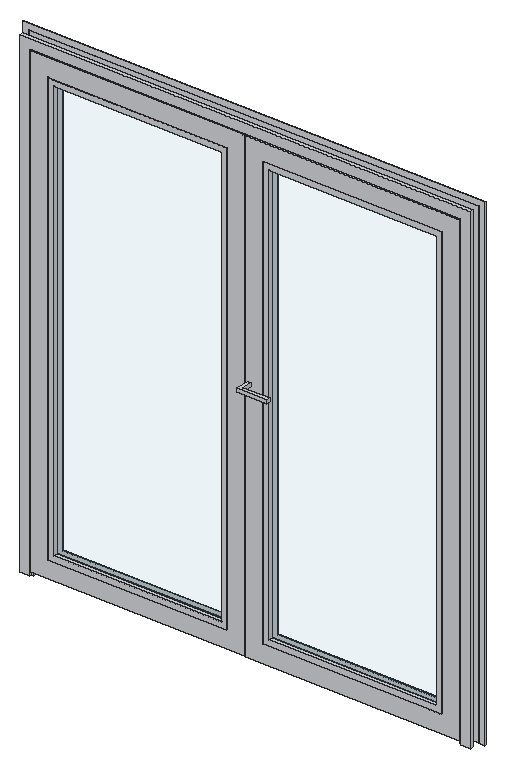
Revit family "a_reynaers_es-50-functional_door_inside-opening-brush_doublerfa", category Windows, host Wall, Revit 2017
Family settings
  Host = Wall
  OmniClass Number = 23.30.20.00
  OmniClass Title = Windows
  Always vertical = Yes
  Cut with Voids When Loaded = No
  Shared = No
  Room Calculation Point = No
Parameters (values of type "Frame 67mm")
  Youtube clip = ""
  Width INT [instance] = 1950 mm
  Width EXT [instance] = 2000 mm
  Weight Net (Kg) = "0"
  Wall Exterior Width = 90 mm
  Uniclass 2.0 Description = "Doors, Windows And Glazing Survey Systems"
  Uniclass 2.0 Code = "SS-10-50-25-25"
  Uniclass 1.4 Description = "Doors"
  Uniclass 1.4 Code = "JL20"
  URL = "http://www.reynaers.com/architects/products/es-50-0"
  UNSPSC Code = "301715"
  Technical description = ""
  Region South America = "None"
  Region Oceania = "None"
  Region North America = "None"
  Region Middle East = "None"
  Region Europe = "AD, AL, AT, AX, BA, BE, BG, BY, CH, CS, CY, CZ, DE, DK, EE, ES, FI, FO, FR, GB, GG, GI, GR, HR, HU, IE, IM, IS, IT, JE, LI, LT, LU, LV, MC, MD, ME, MK, MT, NL, NO, PL, PT, RO, RS, RU, SE, SI, SJ, SK, SM, UA, VA, XK"
  Region Asia = "None"
  Region Antarctica = "None"
  Region Africa = "None"
  REY Website = "www.reynaers.com"
  REY Vent Width = 74 mm
  REY Vent & Gap & 20 = REY Vent Width + REY Gap Width + 20 mm  # 99 mm
  REY Sill Height = 0 mm  # constant formula
  REY Sill H = 0 mm  # constant formula
  REY Shutter Roll Material = none
  REY Shutter Roll Height = 200 mm
  REY Shutter Position = if(BE, 0 mm, REY Butt Strip Width)  # 25 mm
  REY Shutter Height = if(REY Shutter, REY Shutter Roll Height, 0 mm)  # 0 mm
  REY Shutter Depth = if(REY Shutter, 59 mm, 0 mm)  # 0 mm
  REY Shutter = no
  REY Rebate TOP B = if(BE, REY Rebate, 0 mm)  # 0 mm
  REY Rebate TOP A = if(NL, REY Rebate, 0 mm)  # 30 mm
  REY Rebate B = if(BE, REY Rebate, 0 mm)  # 0 mm
  REY Rebate A = if(NL, REY Rebate, 0 mm)  # 30 mm
  REY Rebate = 30 mm
  REY Profile Rebate = 25 mm
  REY Profile Color OUT [instance] = none
  REY Profile Color IN [instance] = none
  REY Panel Tickness [instance] = 24 mm
  REY Panel Material [instance] = Glass
  REY Panel Height [instance] = 1843 mm
  REY Panel Coverage = 16 mm
  REY Panel 1 Width [instance] = 754 mm
  REY Panel 1 Opening Direction Turn DIN R [instance] = yes
  REY Panel 1 Opening Direction Turn DIN L [instance] = no
  REY Offset Wall Ext Int B = if(BE, REY Offset Wall Ext Int, 0 mm)  # 0 mm
  REY Offset Wall Ext Int A = if(NL, REY Offset Wall Ext Int, 0 mm)  # 25 mm
  REY Offset Wall Ext Int = 25 mm
  REY Joint Width B = if(BE, REY Joint Width, 0 mm)  # 0 mm
  REY Joint Width A = if(NL, REY Joint Width, 0 mm)  # 8 mm
  REY Joint Width = 8 mm
  REY Joint Bottom = 0 mm
  REY Gap Width = 5 mm
  REY Gap Floor = 13 mm
  REY Frame Width = 67 mm
  REY Frame Position MID = REY Vent Width + REY Gap Width  # 79 mm
  REY Fixation Bottom = 33 mm
  REY Element Width [instance] = 1990 mm
  REY Element Height [instance] = 2220 mm
  REY Design = 0 mm  # constant formula
  REY Butt Strip Width = 25 mm
  REY Built-In Depth = 50 mm
  REY Brush Profile Height = 26 mm
  REY Block Frame = no
  QR code = "http://file-system.ru/catalog/zdaniya_i_sooruzheniya/eksterer/dveri/es_50_dveri/"
  Product group = "Windows Aluminium"
  Product family = "Windows & Doors"
  Product data url = "http://file-system.ru/catalog/zdaniya_i_sooruzheniya/eksterer/dveri/es_50_dveri/"
  Product certification = ""
  Product SKU = "Reynaers_door_eco_system_50"
  Product Guid = "172350dd-0f3f-47fb-8ca1-f77024ff0f03"
  OmniClass Description = ""
  OmniClass Code = ""
  Nominal width = "0.00"
  Nominal height = "0.00"
  NL = yes
  NBS Reference Description = "Doors, Windows And Glazing Survey Systems"
  NBS Reference Code = "10-50-25-25"
  Material secondary = "Aluminium"
  Material main = "Aluminium"
  Manufacturer name = "Reynaers"
  Manufacturer country = "Belgium"
  Manufacturer = "Reynaers"
  Installation instructions = ""
  IFC Classification = "Door"
  Height INT [instance] = 2108 mm
  Height EXT [instance] = 2100 mm
  Height [instance] = Height EXT  # 2100 mm
  Edition number = "1"
  EAN code = ""
  Design country = "Belgium"
  Depth = "50.00"
  Default Sill Height = 0 mm
  Wall Closure = By host
  Width [instance] = Width EXT  # 2000 mm
  Date of publishing = "2015-09-17"
  COBIe Type Category = ""
  BE = no
  Analytic Construction = "<None>"
Reference planes
  plane 1 "Center (Front/Back)": y = 0
  plane 2 "Center (Left/Right)": x = 0
  plane 3 "REY L EXT": x = -1000
  plane 4 "REY R EXT": x = 1000
  plane 5 "Sill": z = 0
  plane 6 "REY Top EXT": z = 2100
  plane 7 "Exterior": y = 150
  plane 8 "Interior": y = -150
  plane 9 "REY Profile L": x = -970
  plane 10 "REY Profile Temp": x = -1000
  plane 11 "REY L INT Temp": x = -1000
  plane 12 "Wall Exterior Width": y = 60
  plane 13 "REY L INT": x = -975
  plane 14 "REY R INT Temp": x = 1000
  plane 15 "REY R INT": x = 975
  plane 16 "REY Top INT": z = 2075
  plane 17 "REY Top INT Temp": z = 2100
  plane 18 "REY Sill Bottom": z = 0
  plane 19 "REY Bottom INT": z = -33
  plane 20 "REY Shutter TOP": z = 2075
  plane 21 "REY Profile TOP": z = 2070
  plane 22 "REY Profile TOP Temp": z = 2100
  plane 23 "REY Profile Joint Temp": y = 60
  plane 24 "REY Profile Joint": y = 68
  plane 25 "REY Built-In-Depth": y = 18
  plane 26 "REY Frame L": x = -903
  plane 27 "REY Gap L": x = -898
  plane 28 "REY Vent L": x = -824
  plane 29 "REY Panel L": x = -840
  plane 30 "REY Profile A Rebate": x = -995
  plane 31 "REY Shutter": y = 68
  plane 32 "REY Profile Design": y = 68
  plane 33 "REY Panel OUT": y = 60
  plane 34 "REY Panel IN": y = 36
  plane 35 "REY Profile R": x = 970
  plane 36 "Mid Window": z = 990
  plane 37 "REY Panel TOP": z = 1940
  plane 38 "REY Gap TOP": z = 1998
  plane 39 "REY Frame TOP": z = 2003
  plane 40 "REY Vent TOP": z = 1924
  plane 41 "REY Shutter Position L": x = -995
  plane 42 "REY Shutter Position R": x = 995
  plane 43 "REY A Butt-Strip": x = -995
  plane 44 "REY Shutter Position TOP": z = 2095
  plane 45 "REY Frame R": x = 903
  plane 46 "REY GAP R": x = 898
  plane 47 "REY Vent R": x = 824
  plane 48 "REY Panel R": x = 840
  plane 49 "REY Door Profile Bottom": z = 13
  plane 50 "REY Door Gap Bottom": z = 39
  plane 51 "REY Panel Bottom": z = 97
  plane 52 "REY Vent Bottom": z = 113
  plane 53 "REY MID 1/2": x = 0
  plane 54 "REY Fixed Gap MID L": x = -3
  plane 55 "REY Fixed Gap MID R": x = 3
  plane 56 "REY Frame INT MID 1/2 L": x = -23
  plane 57 "REY Vent MID L": x = -102
  plane 58 "REY Vent MID R": x = 102
  plane 59 "REY Panel MID L": x = -86
  plane 60 "REY Panel MID R": x = 86
  plane 61 "REY Frame INT MID 1/2 R": x = 23
Forms (mm)
  Extrusion 1, void
    sketch origin (0, 0, 0) x (0, -1, 0) y (1, 0, 0)
      loop
        line (-150, -1000) -> (-60, -1000) -> (-60, 1000) -> (-150, 1000) -> (-150, -1000)
    from 0 to 2100
  Extrusion 2, void
    sketch origin (0, 0, 0) x (0, -1, 0) y (1, 0, 0)
      loop
        line (-60, -975) -> (150, -975) -> (150, 975) -> (-60, 975) -> (-60, -975)
    from -33 to 2075
  Sweep 3, solid, material <- "REY Profile Color OUT"
    path origin (0, 68, 0) x (-1, 0, 0) y (0, 0, 1)
      loop
        line (102, 113) -> (824, 113) -> (824, 1924) -> (102, 1924) -> (102, 113)
    profile origin (-824, 68, 1018.5) x (0, 1, 0) y (-1, 0, 0)
      loop
        line (0, 74) -> (-4.459, 74) -> (-4.459, 79) -> (-6.259, 79) -> (-6.259, 73.048) -> (-3.8, 73.048) -> (-3.8, 0) -> (0, 0) -> (0, 74)
  Sweep 4, solid, material <- "REY Profile Color IN"
    path origin (0, 18, 0) x (-1, 0, 0) y (0, 0, 1)
      loop
        line (824, 113) -> (824, 1924) -> (102, 1924) -> (102, 113) -> (824, 113)
    profile origin (-824, 18, 1018.5) x (1, 0, 0) y (0, 1, 0)
      loop
        line (-99, 4) -> (-99, 0) -> (-25, 0) -> (-25, 4) -> (-99, 4)
      loop
        line (-24, 18) -> (-24, 0) -> (0, 0) -> (0, 18) -> (-24, 18)
  Extrusion 5, solid, material "Glass" <- "REY Panel Material"
    sketch origin (0, 0, 52) x (0, 1, 0) y (-1, 0, 0)
      loop
        line (36, 840) -> (36, 86) -> (60, 86) -> (60, 840) -> (36, 840)
    from 45 to 1888
  Extrusion 6, solid, material <- "REY Profile Color OUT", visible <- "REY Shutter"
    sketch origin (0, 0, 0) x (0, -1, 0) y (1, 0, 0)
      loop
        line (-68, 995) -> (-127, 995) -> (-127, 966.665) -> (-122.8, 966.665) -> (-122.8, 993.165) -> (-104.8, 993.165) -> (-104.8, 966.665) -> (-68, 966.665) -> (-68, 995)
    from 0 to 2070
  Sweep 7, solid, material <- "REY Profile Color OUT", visible <- "NL"
    path origin (0, 68, 0) x (-1, 0, 0) y (0, 0, 1)
      loop
        line (970, 0) -> (970, 2070) -> (-970, 2070) -> (-970, 0)
    profile origin (-970, 68, 1035) x (1, 0, 0) y (0, 1, 0)
      loop
        line (0, 0) -> (-25, 0) -> (-25, -3.8) -> (0, -3.8) -> (0, 0)
  Extrusion 8, solid, material <- "REY Profile Color OUT", visible <- "REY Shutter"
    sketch origin (970, 0, 0) x (0, 1, 0) y (0, 0, -1)
      loop
        line (68, -2078.8) -> (68, -2080.4) -> (89.9, -2080.4)
        arc (89.9, -2080.4) -> (92.728, -2081.572) -> (93.9, -2084.4) r 4
        line (93.9, -2084.4) -> (93.9, -2111.4)
        arc (93.9, -2111.4) -> (90.707, -2119.107) -> (83, -2122.3) r 10.9
        line (83, -2122.3) -> (83, -2123.9)
        arc (83, -2123.9) -> (91.839, -2120.239) -> (95.5, -2111.4) r 12.5
        line (95.5, -2111.4) -> (95.5, -2084.4)
        arc (95.5, -2084.4) -> (93.86, -2080.44) -> (89.9, -2078.8) r 5.6
        line (89.9, -2078.8) -> (68, -2078.8)
    from 0 to 1940
  Extrusion 9, solid, material <- "REY Shutter Roll Material", visible <- "REY Shutter"
    sketch origin (970, 0, 0) x (0, 1, 0) y (0, 0, -1)
      loop
        line (60, -2075) -> (-150, -2075) -> (-150, -2085) -> (60, -2085) -> (60, -2075)
    from -5 to 1945
  Extrusion 10, solid, material <- "REY Profile Color OUT", visible <- "REY Shutter"
    sketch origin (0, 0, 0) x (0, -1, 0) y (1, 0, 0)
      loop
        line (-68, -995) -> (-68, -966.665) -> (-104.8, -966.665) -> (-104.8, -993.165) -> (-122.8, -993.165) -> (-122.8, -966.665) -> (-127, -966.665) -> (-127, -995) -> (-68, -995)
    from 0 to 2095
  Sweep 11, solid, material <- "REY Profile Color IN"
    path origin (0, 18, 0) x (-1, 0, 0) y (0, 0, 1)
      loop
        line (970, 0) -> (970, 2070) -> (-970, 2070) -> (-970, 0)
    profile origin (-970, 18, 1035) x (1, 0, 0) y (0, 1, 0)
      loop
        line (41, 9) -> (52, 9) -> (52, 13) -> (0, 13) -> (0, 0) -> (41, 0) -> (41, 9)
  Sweep 12, solid, material <- "REY Profile Color OUT"
    path origin (0, 68, 0) x (-1, 0, 0) y (0, 0, 1)
      loop
        line (970, 0) -> (970, 2070) -> (-970, 2070) -> (-970, 0)
    profile origin (-970, 68, 1035) x (1, 0, 0) y (0, 1, 0)
      loop
        line (0, 0) -> (0, -3.8) -> (67, -3.8) -> (67, 0) -> (0, 0)
  Extrusion 13, solid, material <- "REY Profile Color OUT"
    sketch origin (0, 0, 0) x (0, -1, 0) y (1, 0, 0)
      loop
        line (-68, -903) -> (-64.2, -903) -> (-64.2, 903) -> (-68, 903) -> (-68, -903)
    from 13 to 39
  Sweep 14, solid, material <- "REY Profile Color OUT"
    path origin (0, 68, 0) x (-1, 0, 0) y (0, 0, 1)
      loop
        line (-824, 1924) -> (-824, 113) -> (-102, 113) -> (-102, 1924) -> (-824, 1924)
    profile origin (824, 68, 1018.5) x (1, 0, 0) y (0, 1, 0)
      loop
        line (74, 0) -> (0, 0) -> (0, -3.8) -> (73.048, -3.8) -> (73.048, -6.259) -> (79, -6.259) -> (79, -4.459) -> (74, -4.459) -> (74, 0)
  Sweep 15, solid, material <- "REY Profile Color IN"
    path origin (0, 18, 0) x (-1, 0, 0) y (0, 0, 1)
      loop
        line (-824, 113) -> (-102, 113) -> (-102, 1924) -> (-824, 1924) -> (-824, 113)
    profile origin (824, 18, 1018.5) x (0, 1, 0) y (-1, 0, 0)
      loop
        line (4, -99) -> (4, -25) -> (0, -25) -> (0, -99) -> (4, -99)
      loop
        line (18, -24) -> (18, 0) -> (0, 0) -> (0, -24) -> (18, -24)
  Extrusion 16, solid, material "Glass" <- "REY Panel Material"
    sketch origin (0, 0, 97) x (0, -1, 0) y (1, 0, 0)
      loop
        line (-60, 86) -> (-36, 86) -> (-36, 840) -> (-60, 840) -> (-60, 86)
    from 0 to 1843
  Extrusion 17, solid, material <- "REY Profile Color OUT"
    sketch origin (0, 0, 39) x (0, -1, 0) y (1, 0, 0)
      loop
        line (-68, -23) -> (-64, -23) -> (-64, 23) -> (-68, 23) -> (-68, -23)
    from 0 to 1964
Lines and regions (mm)
  symbolic lines, style "Windows"
    curve 1: line (-903, 68, 0) -> (-970, 68, 0)
    curve 2: line (-903, 61.741, 0) -> (-903, 68, 0)
    curve 3: line (-928, 61.741, 0) -> (-928, 27, 0)
    curve 4: line (-903, 61.741, 0) -> (-928, 61.741, 0)
    curve 5: line (-824, 18, 0) -> (-923, 18, 0)
    curve 6: line (-923, 18, 0) -> (-923, 22, 0)
    curve 7: line (-898, 68, 0) -> (-898, 60, 0)
    curve 8: line (-824, 68, 0) -> (-898, 68, 0)
    curve 9: line (-923, 22, 0) -> (-923, 60, 0)
    curve 10: line (-923, 60, 0) -> (-898, 60, 0)
    curve 11: line (970, 68, 0) -> (970, 18, 0)
    curve 12: line (970, 18, 0) -> (928, 18, 0)
    curve 13: line (928, 18, 0) -> (928, 61.741, 0)
    curve 14: line (970, 68, 0) -> (903, 68, 0)
    curve 15: line (898, 68, 0) -> (898, 59.741, 0)
    curve 16: line (-3, 18, 0) -> (824, 18, 0)
    curve 17: line (-3, 22, 0) -> (-3, 18, 0)
    curve 18: line (923, 59.741, 0) -> (923, 22, 0)
    curve 19: line (898, 68, 0) -> (824, 68, 0)
    curve 20: line (-824, 68, 0) -> (-824, 18, 0)
    curve 21: line (824, 18, 0) -> (824, 68, 0)
    curve 22: line (824, 36, 0) -> (102, 36, 0)
    curve 23: line (970, 60, 2070) -> (970, 9, 2070)
    curve 24: line (970, 9, 2018) -> (970, 9, 2070)
    curve 25: line (970, 61.741, 2018) -> (970, 9, 2018)
    curve 26: line (970, 61.741, 2003) -> (970, 61.741, 2018)
    curve 27: line (970, 61.741, 2003) -> (970, 60, 2003)
    curve 28: line (970, 60, 2003) -> (970, 60, 2070)
    curve 30: line (970, 61.741, 1940) -> (970, 18, 1940)
    curve 31: line (970, 61.741, 1924) -> (970, 61.741, 1940)
    curve 32: line (970, 68, 1924) -> (970, 61.741, 1924)
    curve 33: line (970, 68, 1924) -> (970, 68, 1998)
    curve 34: line (970, 57.21, 1998) -> (970, 68, 1998)
    curve 35: line (970, 57.21, 1998) -> (970, 57.21, 2100)
    curve 36: line (970, 57.21, 2100) -> (970, 4, 2100)
    curve 37: line (970, 18, 2023) -> (970, 4, 2023)
    curve 38: line (970, 18, 1924) -> (970, 18, 2023)
    curve 39: line (970, 36, 1924) -> (970, 18, 1924)
    curve 40: line (970, 18, 1924) -> (970, 18, 1940)
    curve 41: line (970, 36, 1940) -> (970, 18, 1940)
    curve 42: line (970, 36, 1940) -> (970, 36, 1924)
    curve 62: line (-970, 18, 0) -> (-970, 68, 0)
    curve 63: line (-824, 60, 0) -> (-102, 60, 0)
    curve 64: line (903, 61.741, 0) -> (903, 68, 0)
    curve 65: line (903, 61.741, 0) -> (928, 61.741, 0)
    curve 66: line (898, 59.741, 0) -> (923, 59.741, 0)
    curve 80: line (-929, 27, 0) -> (-929, 18, 0)
    curve 81: line (-929, 18, 0) -> (-970, 18, 0)
    curve 87: line (-102, 36, 0) -> (-824, 36, 0)
    curve 88: line (102, 60, 0) -> (824, 60, 0)
    curve 89: line (3, 68, 39) -> (102, 68, 39)
    curve 90: line (3, 18, 39) -> (3, 68, 39)
    curve 91: line (102, 18, 39) -> (3, 18, 39)
    curve 92: line (102, 68, 39) -> (102, 18, 39)
    curve 93: line (-3, 68, 39) -> (-102, 68, 39)
    curve 94: line (-3, 18, 39) -> (-3, 68, 39)
    curve 95: line (-102, 18, 39) -> (-3, 18, 39)
    curve 96: line (-102, 68, 39) -> (-102, 18, 39)
  symbolic lines, style "Windows", not visible
    curve 29: line (970, 18, 1940) -> (970, 18, 2023)
  symbolic lines, style "Windows", visible <- "REY Block Frame"
    curve 43: line (970, 110, 0) -> (970, 68, 0)
  symbolic lines, style "Windows", visible <- "NL"
    curve 44: line (970, 2.2, 0) -> (970, 60, 0)
  symbolic lines, style "REY Draaisymbool Aanzicht Binnen", detail levels medium+fine
    curve 45: line (824, 18, 1924) -> (102, 18, 990)
    curve 46: line (102, 18, 990) -> (824, 18, 113)
  symbolic lines
    curve 47: line (-1000, 150, 0) -> (1000, 150, 0)
    curve 48: line (1000, -150, 0) -> (-1000, -150, 0)
  symbolic lines, style "Windows", visible <- "REY Shutter"
    curve 49: line (-995, 127, 0) -> (-966.665, 127, 0)
    curve 50: line (-966.665, 127, 0) -> (-966.665, 122.8, 0)
    curve 51: line (-966.665, 122.8, 0) -> (-993.165, 122.8, 0)
    curve 52: line (-993.165, 122.8, 0) -> (-993.165, 104.8, 0)
    curve 53: line (-993.165, 104.8, 0) -> (-966.665, 104.8, 0)
    curve 54: line (-966.665, 104.8, 0) -> (-966.665, 68, 0)
    curve 55: line (-995, 64, 0) -> (-995, 127, 0)
    curve 56: line (966.665, 127, 0) -> (970, 127, 0)
    curve 57: line (966.665, 122.8, 0) -> (966.665, 127, 0)
    curve 58: line (993.165, 122.8, 0) -> (966.665, 122.8, 0)
    curve 59: line (993.165, 104.8, 0) -> (993.165, 122.8, 0)
    curve 60: line (991.665, 104.8, 0) -> (993.165, 104.8, 0)
    curve 61: line (970, 68, 0) -> (991.665, 68, 0)
  symbolic lines, style "Windows", visible <- "REY Panel 1 Opening Direction Turn DIN R"
    curve 67: line (25.5, 18, 0) -> (10.5, 18, 0)
    curve 73: line (10.5, -39.5, 0) -> (10.5, 18, 0)
    curve 74: line (138, -39.5, 0) -> (10.5, -39.5, 0)
    curve 75: line (138, -24.5, 0) -> (138, -39.5, 0)
    curve 76: line (25.5, -24.5, 0) -> (138, -24.5, 0)
    curve 77: line (25.5, 18, 0) -> (25.5, -24.5, 0)
  symbolic lines, style "REY Draaisymbool Aanzicht Binnen"
    curve 68: line (-824, 18, 1924) -> (-102, 18, 990)
    curve 69: line (-102, 18, 990) -> (-824, 18, 113)
  symbolic lines, style "Windows", visible <- "REY Panel 1 Opening Direction Turn DIN L"
    curve 70: line (-10.5, -39.5, 0) -> (-10.5, 18, 0)
    curve 71: line (-25.5, 18, 0) -> (-25.5, -24.5, 0)
    curve 72: line (-138, -39.5, 0) -> (-10.5, -39.5, 0)
    curve 78: line (-138, -24.5, 0) -> (-138, -39.5, 0)
    curve 79: line (-25.5, -24.5, 0) -> (-138, -24.5, 0)
  symbolic lines, style "REY Draaisymbool Plan"
    curve 82: line (903, 68, 39) -> (903, -835, 39)
    curve 83: line (-903, 68, 39) -> (-903, -835, 39)
    curve 84: line (923, 18, 39) -> (824, 18, 39)
    curve 85: arc (0, 68, 39) -> (-264.483, -570.517, 39) -> (-903, -835, 39) r 903
    curve 86: arc (0, 68, 39) -> (264.483, -570.517, 39) -> (903, -835, 39) r 903
Text (mm)
  text "EXTERIOR" at (-1963.203, 1332.353, 0), in view "Ref. Level"
  text "INTERIOR" at (-1981.466, -818.386, 0), in view "Ref. Level"
  text "Exterior" at (0, 923.751, 2943.296), in view "Right"
  text "Exterior" at (0, 1040.484, 2685.409), in view "Left"
  text "EXT" at (0, 709.313, 2863.072), in view "Section 1"
Dimensions and locks
  equal spacing: plane 3 "REY L EXT", plane 2 "Center (Left/Right)", plane 4 "REY R EXT"
  "Width": plane 3 "REY L EXT" to plane 4 "REY R EXT"
  "Height": plane 5 "Sill" to plane 6 "REY Top EXT"
  "Default Sill Height": plane 5 "Sill" to level
  locked: plane 7 "Exterior" to host wall at 0
  locked: plane 8 "Interior" to host wall
  "Wall Exterior Width": plane 7 "Exterior" to plane 12 "Wall Exterior Width"
  "REY Rebate B": plane 10 "REY Profile Temp" to plane 3 "REY L EXT"
  "REY Rebate A": plane 10 "REY Profile Temp" to plane 9 "REY Profile L"
  "REY Offset Wall Ext Int B": plane 4 "REY R EXT" to plane 14 "REY R INT Temp"
  "REY Offset Wall Ext Int B": plane 11 "REY L INT Temp" to plane 3 "REY L EXT"
  "REY Offset Wall Ext Int A": plane 11 "REY L INT Temp" to plane 13 "REY L INT"
  "REY Offset Wall Ext Int A": plane 15 "REY R INT" to plane 14 "REY R INT Temp"
  "REY Offset Wall Ext Int A": plane 16 "REY Top INT" to plane 17 "REY Top INT Temp"
  "REY Offset Wall Ext Int B": plane 6 "REY Top EXT" to plane 17 "REY Top INT Temp"
  "Width INT": plane 13 "REY L INT" to plane 15 "REY R INT"
  "REY Joint Bottom": plane 5 "Sill" to plane 18 "REY Sill Bottom"
  "REY Fixation Bottom": plane 18 "REY Sill Bottom" to plane 19 "REY Bottom INT"
  "REY Shutter Height": plane 20 "REY Shutter TOP" to plane 16 "REY Top INT"
  "REY Rebate TOP B": plane 22 "REY Profile TOP Temp" to plane 6 "REY Top EXT"
  "REY Rebate TOP A": plane 22 "REY Profile TOP Temp" to plane 21 "REY Profile TOP"
  "REY Joint Width A": plane 24 "REY Profile Joint" to plane 23 "REY Profile Joint Temp"
  "REY Joint Width B": plane 12 "Wall Exterior Width" to plane 23 "REY Profile Joint Temp"
  "REY Built-In Depth": plane 32 "REY Profile Design" to plane 25 "REY Built-In-Depth"
  "REY Frame Width": plane 9 "REY Profile L" to plane 26 "REY Frame L"
  "REY Gap Width": plane 26 "REY Frame L" to plane 27 "REY Gap L"
  "REY Vent Width": plane 27 "REY Gap L" to plane 28 "REY Vent L"
  "REY Profile Rebate": plane 30 "REY Profile A Rebate" to plane 9 "REY Profile L"
  "REY Panel Coverage": plane 29 "REY Panel L" to plane 28 "REY Vent L"
  "REY Design": plane 31 "REY Shutter" to plane 32 "REY Profile Design"
  "REY Shutter Depth": plane 24 "REY Profile Joint" to plane 31 "REY Shutter"
  locked: plane 32 "REY Profile Design" to plane 33 "REY Panel OUT" at 8
  "REY Panel Tickness": plane 33 "REY Panel OUT" to plane 34 "REY Panel IN"
  equal spacing: plane 9 "REY Profile L", plane 2 "Center (Left/Right)", plane 35 "REY Profile R"
  Sweep 4 sketch curve to Sweep 4 sketch curve = 24 mm
  Sweep 4 sketch curve to Sweep 4 sketch curve = 1 mm
  Sweep 4 to Sweep 4 = 24 mm
  Sweep 4 to Sweep 4 = 1 mm
  "REY Vent Width": plane 40 "REY Vent TOP" to plane 38 "REY Gap TOP"
  "REY Gap Width": plane 38 "REY Gap TOP" to plane 39 "REY Frame TOP"
  "REY Panel Coverage": plane 40 "REY Vent TOP" to plane 37 "REY Panel TOP"
  "REY Shutter Position": plane 41 "REY Shutter Position L" to plane 9 "REY Profile L"
  "REY Shutter Position": plane 35 "REY Profile R" to plane 42 "REY Shutter Position R"
  Extrusion 6 sketch curve to Extrusion 6 sketch curve to Extrusion 6 sketch curve = 18 mm locked, 4.2 mm locked
  locked: Extrusion 6 sketch curve to Extrusion 6 sketch curve at 1.835
  locked: Extrusion 6 sketch curve to Extrusion 6 sketch curve at 28.335
  locked: Extrusion 6 sketch curve to Extrusion 6 sketch curve at 36.8
  plane 22 "REY Profile TOP Temp" to plane 36 "Mid Window" = 1110 mm
  "REY Butt Strip Width": plane 43 "REY A Butt-Strip" to plane 9 "REY Profile L"
  "REY Shutter Position": plane 44 "REY Shutter Position TOP" to plane 21 "REY Profile TOP"
  "REY Frame Width": plane 39 "REY Frame TOP" to plane 21 "REY Profile TOP"
  locked: Extrusion 8 sketch curve to plane 44 "REY Shutter Position TOP" at 14.6
  locked: Extrusion 8 sketch curve to plane 31 "REY Shutter" at 25.9
  Extrusion 9 to plane 6 "REY Top EXT" = 15 mm
  Extrusion 10 sketch curve to Extrusion 10 sketch curve to Extrusion 10 sketch curve = 18 mm locked, 4.2 mm locked
  locked: Extrusion 10 sketch curve to Extrusion 10 sketch curve at 1.835
  locked: Extrusion 10 sketch curve to Extrusion 10 sketch curve at 28.335
  locked: Extrusion 10 sketch curve to Extrusion 10 sketch curve at 36.8
  locked: Sweep 3 sketch curve to Sweep 3 sketch curve at 0.952
  locked: curve 3 to curve 9 at 5
  "REY Vent Width": plane 47 "REY Vent R" to plane 46 "REY GAP R"
  "REY Gap Width": plane 46 "REY GAP R" to plane 45 "REY Frame R"
  "REY Frame Width": plane 45 "REY Frame R" to plane 35 "REY Profile R"
  locked: curve 18 to curve 13 at 5
  "Height INT": plane 20 "REY Shutter TOP" to plane 19 "REY Bottom INT"
  "REY Element Width": plane 41 "REY Shutter Position L" to plane 42 "REY Shutter Position R"
  locked: nested 2 to Sweep 4 at 15
  "REY Panel Coverage": plane 47 "REY Vent R" to plane 48 "REY Panel R"
  locked: Sweep 4 to Sweep 11 sketch curve at 5
  locked: Sweep 4 sketch curve to plane 26 "REY Frame L" at 20
  "REY Gap Floor": plane 49 "REY Door Profile Bottom" to plane 18 "REY Sill Bottom"
  "REY Brush Profile Height": plane 50 "REY Door Gap Bottom" to plane 49 "REY Door Profile Bottom"
  "REY Vent Width": plane 52 "REY Vent Bottom" to plane 50 "REY Door Gap Bottom"
  "REY Panel Coverage": plane 52 "REY Vent Bottom" to plane 51 "REY Panel Bottom"
  locked: Extrusion 9 to plane 20 "REY Shutter TOP" at 10
  "REY Panel Height": plane 37 "REY Panel TOP" to plane 51 "REY Panel Bottom"
  plane 52 "REY Vent Bottom" to plane 49 "REY Door Profile Bottom" = 100 mm
  Sweep 11 sketch curve to Sweep 4 = 6 mm
  plane 41 "REY Shutter Position L" to Sweep 11 = 66 mm
  Sweep 11 to Sweep 4 = 6 mm
  Sweep 4 to Sweep 4 to Sweep 4 = 74 mm, 25 mm
  plane 54 "REY Fixed Gap MID L" to plane 53 "REY MID 1/2" to plane 55 "REY Fixed Gap MID R" = 3 mm locked, 3 mm locked
  "REY Vent & Gap & 20": plane 57 "REY Vent MID L" to plane 54 "REY Fixed Gap MID L"
  "REY Vent & Gap & 20": plane 55 "REY Fixed Gap MID R" to plane 58 "REY Vent MID R"
  "REY Panel Coverage": plane 57 "REY Vent MID L" to plane 59 "REY Panel MID L"
  "REY Panel Coverage": plane 60 "REY Panel MID R" to plane 58 "REY Vent MID R"
  "REY Frame Position MID": plane 57 "REY Vent MID L" to plane 56 "REY Frame INT MID 1/2 L"
  "REY Frame Position MID": plane 61 "REY Frame INT MID 1/2 R" to plane 58 "REY Vent MID R"
  plane 56 "REY Frame INT MID 1/2 L" to plane 53 "REY MID 1/2" to plane 61 "REY Frame INT MID 1/2 R" = 23 mm, 23 mm
  locked: Sweep 14 sketch curve to Sweep 14 sketch curve at 0.952
  Sweep 15 sketch curve to Sweep 15 sketch curve = 24 mm
  Sweep 15 sketch curve to Sweep 15 sketch curve = 1 mm
  locked: plane 45 "REY Frame R" to Sweep 15 sketch curve at 20
  plane 26 "REY Frame L" to plane 53 "REY MID 1/2" to plane 45 "REY Frame R" = 903 mm, 903 mm  (x4)
  locked: plane 55 "REY Fixed Gap MID R" to nested 1 at 15
  "REY Panel 1 Width": plane 29 "REY Panel L" to plane 59 "REY Panel MID L"
  radius of Extrusion 8 sketch curve = 4 mm
  radius of Extrusion 8 sketch curve = 10.9 mm
  aligned and locked: Extrusion 1 sketch curve to plane 3 "REY L EXT"
  aligned and locked: plane 4 "REY R EXT" to Extrusion 1 sketch curve
  aligned and locked: Extrusion 1 sketch curve to plane 12 "Wall Exterior Width"
  aligned and locked: plane 7 "Exterior" to Extrusion 1 sketch curve
  aligned and locked: Extrusion 1 to plane 6 "REY Top EXT"
  aligned and locked: Extrusion 2 sketch curve to plane 12 "Wall Exterior Width"
  aligned and locked: Extrusion 2 sketch curve to plane 8 "Interior"
  aligned and locked: plane 13 "REY L INT" to Extrusion 2 sketch curve
  aligned and locked: plane 15 "REY R INT" to Extrusion 2 sketch curve
  aligned and locked: Extrusion 2 to plane 19 "REY Bottom INT"
  aligned and locked: plane 20 "REY Shutter TOP" to Extrusion 2
  aligned and locked: Sweep 3 sketch curve to plane 28 "REY Vent L"  (x2)
  aligned and locked: Sweep 4 sketch curve to plane 28 "REY Vent L"
  aligned and locked: Sweep 4 sketch curve to plane 34 "REY Panel IN"
  aligned and locked: Extrusion 5 sketch curve to plane 34 "REY Panel IN"
  aligned and locked: Extrusion 5 sketch curve to plane 33 "REY Panel OUT"
  aligned and locked: Extrusion 5 sketch curve to plane 29 "REY Panel L"
  aligned and locked: Extrusion 5 to plane 37 "REY Panel TOP"
  aligned and locked: Extrusion 6 sketch curve to Extrusion 6 sketch curve
  aligned and locked: Extrusion 6 sketch curve to plane 31 "REY Shutter"
  aligned and locked: plane 42 "REY Shutter Position R" to Extrusion 6 sketch curve
  aligned and locked: plane 9 "REY Profile L" to Sweep 7 sketch curve  (x2)
  aligned and locked: plane 35 "REY Profile R" to Sweep 7 sketch curve
  aligned and locked: Sweep 7 sketch curve to plane 43 "REY A Butt-Strip"
  aligned and locked: plane 21 "REY Profile TOP" to Extrusion 6
  aligned and locked: plane 31 "REY Shutter" to Extrusion 8 sketch curve
  aligned and locked: Sweep 7 sketch curve to plane 21 "REY Profile TOP"
  aligned and locked: Extrusion 8 to plane 9 "REY Profile L"
  aligned and locked: Extrusion 9 sketch curve to plane 16 "REY Top INT"
  aligned and locked: plane 12 "Wall Exterior Width" to Extrusion 9 sketch curve
  aligned and locked: Sweep 4 to curve 6
  aligned and locked: curve 17 to Sweep 4
  aligned and locked: curve 20 to Sweep 4
  aligned and locked: curve 23 to plane 21 "REY Profile TOP"
  aligned and locked: Sweep 3 to curve 26
  aligned and locked: curve 27 to Sweep 3
  aligned and locked: Sweep 4 to curve 29
  aligned and locked: plane 37 "REY Panel TOP" to curve 30
  aligned and locked: Sweep 3 to curve 31
  aligned and locked: curve 32 to Sweep 3
  aligned and locked: curve 34 to Sweep 3
  aligned and locked: curve 37 to Sweep 4
  aligned and locked: curve 39 to Sweep 4
  aligned and locked: Sweep 4 to curve 40
  aligned and locked: plane 37 "REY Panel TOP" to curve 41
  aligned and locked: Sweep 4 to curve 42
  aligned and locked: Extrusion 10 sketch curve to plane 31 "REY Shutter"
  aligned and locked: Extrusion 10 sketch curve to plane 41 "REY Shutter Position L"
  aligned and locked: plane 44 "REY Shutter Position TOP" to Extrusion 10
  aligned and locked: curve 49 to Extrusion 10
  aligned and locked: Extrusion 10 to curve 51
  aligned and locked: curve 52 to Extrusion 10
  aligned and locked: curve 53 to Extrusion 10
  aligned and locked: curve 54 to Extrusion 10
  aligned and locked: curve 55 to Extrusion 10
  aligned and locked: curve 56 to Extrusion 6
  aligned and locked: curve 57 to Extrusion 6
  aligned and locked: curve 58 to Extrusion 6
  aligned and locked: curve 59 to Extrusion 6
  aligned and locked: Extrusion 6 to curve 60
  aligned and locked: plane 32 "REY Profile Design" to curve 1
  aligned and locked: plane 32 "REY Profile Design" to curve 8
  aligned and locked: plane 27 "REY Gap L" to Sweep 3 sketch curve
  aligned and locked: plane 26 "REY Frame L" to Sweep 3 sketch curve
  aligned and locked: curve 7 to plane 27 "REY Gap L"
  aligned and locked: Extrusion 10 sketch curve to Extrusion 10 sketch curve
  aligned and locked: curve 50 to Extrusion 10
  aligned and locked: curve 22 to plane 34 "REY Panel IN"
  aligned and locked: plane 25 "REY Built-In-Depth" to curve 5
  aligned and locked: curve 16 to Sweep 4
  aligned and locked: plane 46 "REY GAP R" to curve 15
  aligned and locked: curve 64 to plane 45 "REY Frame R"
  aligned and locked: nested 1 to plane 25 "REY Built-In-Depth"
  aligned and locked: nested 2 to curve 72
  aligned and locked: plane 25 "REY Built-In-Depth" to nested 2
  aligned and locked: curve 67 to nested 1
  aligned and locked: plane 31 "REY Shutter" to Sweep 7 sketch curve
  aligned and locked: Sweep 12 sketch curve to plane 26 "REY Frame L"
  aligned and locked: plane 32 "REY Profile Design" to Extrusion 13 sketch curve
  aligned and locked: plane 45 "REY Frame R" to Extrusion 13 sketch curve
  aligned and locked: plane 26 "REY Frame L" to Extrusion 13 sketch curve
  aligned and locked: Extrusion 13 to Sweep 3
  aligned and locked: curve 74 to nested 1
  aligned and locked: nested 1 to curve 76
  aligned and locked: curve 78 to nested 2
  aligned and locked: Extrusion 13 to plane 49 "REY Door Profile Bottom"
  aligned and locked: Extrusion 9 to plane 13 "REY L INT"
  aligned and locked: Extrusion 9 to plane 15 "REY R INT"
  aligned and locked: Extrusion 5 to plane 51 "REY Panel Bottom"
  aligned and locked: Sweep 11 sketch curve to plane 25 "REY Built-In-Depth"
  aligned and locked: curve 80 to Sweep 11
  aligned and locked: curve 9 to Sweep 4
  aligned and locked: plane 57 "REY Vent MID L" to Sweep 3 sketch curve
  aligned and locked: plane 52 "REY Vent Bottom" to Sweep 3 sketch curve
  aligned and locked: Sweep 3 sketch curve to plane 40 "REY Vent TOP"
  aligned and locked: plane 28 "REY Vent L" to Sweep 4 sketch curve
  aligned and locked: Sweep 4 sketch curve to plane 57 "REY Vent MID L"
  aligned and locked: plane 40 "REY Vent TOP" to Sweep 4 sketch curve
  aligned and locked: plane 52 "REY Vent Bottom" to Sweep 4 sketch curve
  aligned and locked: plane 40 "REY Vent TOP" to Sweep 14 sketch curve
  aligned and locked: plane 47 "REY Vent R" to Sweep 14 sketch curve  (x2)
  aligned and locked: plane 52 "REY Vent Bottom" to Sweep 14 sketch curve
  aligned and locked: plane 58 "REY Vent MID R" to Sweep 14 sketch curve
  aligned and locked: Sweep 14 sketch curve to plane 32 "REY Profile Design"
  aligned and locked: Sweep 14 sketch curve to plane 46 "REY GAP R"
  aligned and locked: Sweep 14 sketch curve to plane 45 "REY Frame R"
  aligned and locked: Sweep 15 sketch curve to plane 52 "REY Vent Bottom"
  aligned and locked: Sweep 15 sketch curve to plane 47 "REY Vent R"
  aligned and locked: Sweep 15 sketch curve to plane 40 "REY Vent TOP"
  aligned and locked: Sweep 15 sketch curve to plane 58 "REY Vent MID R"
  aligned and locked: plane 47 "REY Vent R" to Sweep 15 sketch curve
  aligned and locked: Sweep 15 sketch curve to plane 25 "REY Built-In-Depth"  (x2)
  aligned and locked: Sweep 15 sketch curve to plane 34 "REY Panel IN"
  aligned and locked: plane 59 "REY Panel MID L" to Extrusion 5 sketch curve
  aligned and locked: plane 60 "REY Panel MID R" to Extrusion 16 sketch curve
  aligned and locked: Extrusion 16 sketch curve to plane 48 "REY Panel R"
  aligned and locked: Extrusion 16 sketch curve to plane 34 "REY Panel IN"
  aligned and locked: plane 33 "REY Panel OUT" to Extrusion 16 sketch curve
  aligned and locked: Extrusion 16 to plane 37 "REY Panel TOP"
  aligned and locked: curve 45 to Sweep 14
  aligned and locked: plane 36 "Mid Window" to curve 45
  aligned and locked: plane 36 "Mid Window" to curve 68
  aligned and locked: Sweep 14 to curve 46
  aligned and locked: curve 69 to Sweep 3
  aligned and locked: plane 56 "REY Frame INT MID 1/2 L" to Extrusion 17 sketch curve
  aligned and locked: Extrusion 17 sketch curve to plane 61 "REY Frame INT MID 1/2 R"
  aligned and locked: Extrusion 17 to plane 39 "REY Frame TOP"
  aligned and locked: plane 53 "REY MID 1/2" to plane 2 "Center (Left/Right)"
  aligned and locked: curve 21 to plane 47 "REY Vent R"
  aligned and locked: curve 71 to nested 2
  aligned and locked: curve 70 to nested 2
  aligned and locked: curve 19 to plane 32 "REY Profile Design"
  aligned and locked: curve 14 to plane 32 "REY Profile Design"
  aligned and locked: curve 12 to plane 25 "REY Built-In-Depth"
  aligned and locked: curve 73 to nested 1
  aligned and locked: curve 77 to nested 1
  aligned and locked: curve 75 to nested 1
  aligned and locked: curve 89 to plane 32 "REY Profile Design"
  aligned and locked: curve 90 to plane 55 "REY Fixed Gap MID R"
  aligned and locked: plane 25 "REY Built-In-Depth" to curve 91
  aligned and locked: curve 92 to plane 58 "REY Vent MID R"
  aligned and locked: plane 32 "REY Profile Design" to curve 93
  aligned and locked: curve 94 to plane 54 "REY Fixed Gap MID L"
  aligned and locked: curve 95 to plane 25 "REY Built-In-Depth"
  aligned and locked: curve 96 to plane 57 "REY Vent MID L"
Automatic sketch dimensions
  Extrusion 8 sketch curve to Extrusion 8 sketch curve = 0 mm  (x3)
  Extrusion 8 sketch curve to Extrusion 8 sketch curve = 1.6 mm
  Extrusion 8 sketch curve to Extrusion 8 sketch curve = 27 mm
  Sweep 3 sketch curve to plane 32 "REY Profile Design" = 0 mm
  Sweep 3 sketch curve to plane 32 "REY Profile Design" = 3.8 mm
  Sweep 3 sketch curve to Sweep 3 sketch curve = 1.8 mm
  Sweep 7 sketch curve to plane 32 "REY Profile Design" = 3.8 mm
  Sweep 3 sketch curve to plane 32 "REY Profile Design" = 6.259 mm
  Sweep 7 sketch curve to level = 0 mm  (x2)
  Extrusion 13 sketch curve to plane 32 "REY Profile Design" = 3.8 mm
  Sweep 14 sketch curve to plane 32 "REY Profile Design" = 6.259 mm
  Sweep 14 sketch curve to plane 32 "REY Profile Design" = 3.8 mm
  Sweep 14 sketch curve to Sweep 14 sketch curve = 1.8 mm
  plane 33 "REY Panel OUT" to Extrusion 17 sketch curve = 8 mm
  plane 34 "REY Panel IN" to Extrusion 17 sketch curve = 28 mm
  Sweep 4 sketch curve to plane 25 "REY Built-In-Depth" = 0 mm  (x2)
  Sweep 4 sketch curve to Sweep 4 sketch curve = 4 mm
  Extrusion 9 sketch curve to host wall = 0 mm
  Extrusion 9 sketch curve to plane 20 "REY Shutter TOP" = 10 mm
  plane 6 "REY Top EXT" to curve 35 = 0 mm
  curve 33 to plane 31 "REY Shutter" = 0 mm
  curve 23 to plane 23 "REY Profile Joint Temp" = 0 mm
  plane 39 "REY Frame TOP" to curve 25 = 15 mm
  plane 33 "REY Panel OUT" to curve 35 = 2.79 mm
  host wall to curve 23 = 9 mm
  host wall to curve 37 = 4 mm
  host wall to curve 36 = 4 mm
  host wall to curve 48 = 0 mm
  curve 48 to plane 11 "REY L INT Temp" = 0 mm
  curve 47 to host wall = 0 mm
  curve 47 to plane 3 "REY L EXT" = 0 mm
  curve 47 to plane 4 "REY R EXT" = 0 mm
  plane 23 "REY Profile Joint Temp" to curve 44 = 0 mm
  curve 44 to plane 35 "REY Profile R" = 0 mm
  curve 48 to plane 14 "REY R INT Temp" = 0 mm
  curve 44 to host wall = 2.2 mm
  curve 45 to plane 58 "REY Vent MID R" = 0 mm
  curve 69 to plane 57 "REY Vent MID L" = 0 mm
  curve 68 to plane 28 "REY Vent L" = 0 mm
  curve 46 to plane 52 "REY Vent Bottom" = 0 mm
  curve 69 to plane 52 "REY Vent Bottom" = 0 mm
  curve 68 to plane 40 "REY Vent TOP" = 0 mm
  curve 45 to plane 40 "REY Vent TOP" = 0 mm
  Sweep 11 sketch curve to plane 21 "REY Profile TOP" = 0 mm
  plane 35 "REY Profile R" to Sweep 11 sketch curve = 0 mm
  Sweep 11 sketch curve to plane 9 "REY Profile L" = 0 mm
  Sweep 11 sketch curve to level = 0 mm  (x2)
  Sweep 11 sketch curve to profile plane = 0 mm
  plane 25 "REY Built-In-Depth" to Sweep 11 sketch curve = 9 mm
  Sweep 11 sketch curve to Sweep 11 sketch curve = 4 mm
  Sweep 12 sketch curve to plane 21 "REY Profile TOP" = 0 mm
  plane 35 "REY Profile R" to Sweep 12 sketch curve = 0 mm
  Sweep 12 sketch curve to plane 9 "REY Profile L" = 0 mm
  Sweep 12 sketch curve to level = 0 mm  (x2)
  Sweep 12 sketch curve to profile plane = 0 mm
  Sweep 12 sketch curve to plane 32 "REY Profile Design" = 0 mm
  Sweep 12 sketch curve to Sweep 12 sketch curve = 3.8 mm
  plane 25 "REY Built-In-Depth" to Sweep 15 sketch curve = 4 mm
  curve 2 to plane 26 "REY Frame L" = 0 mm
  curve 10 to plane 33 "REY Panel OUT" = 0 mm
  curve 62 to plane 9 "REY Profile L" = 0 mm
  curve 62 to plane 25 "REY Built-In-Depth" = 0 mm
  curve 11 to plane 35 "REY Profile R" = 0 mm
  plane 33 "REY Panel OUT" to curve 88 = 0 mm
  curve 63 to plane 33 "REY Panel OUT" = 0 mm
  curve 87 to plane 34 "REY Panel IN" = 0 mm
  curve 70 to plane 25 "REY Built-In-Depth" = 0 mm
  curve 71 to plane 25 "REY Built-In-Depth" = 0 mm
  curve 63 to plane 57 "REY Vent MID L" = 0 mm
  curve 87 to plane 57 "REY Vent MID L" = 0 mm
  curve 88 to plane 58 "REY Vent MID R" = 0 mm
  curve 22 to plane 58 "REY Vent MID R" = 0 mm
  curve 56 to plane 35 "REY Profile R" = 0 mm
  plane 33 "REY Panel OUT" to curve 65 = 1.741 mm
  plane 33 "REY Panel OUT" to curve 4 = 1.741 mm
  curve 66 to plane 33 "REY Panel OUT" = 0.259 mm
  curve 6 to curve 5 = 4 mm
  curve 79 to curve 72 = 15 mm
  curve 43 to curve 59 = 5.2 mm
  curve 55 to plane 31 "REY Shutter" = 4 mm
  curve 3 to curve 6 = 5 mm
  curve 80 to curve 3 = 0 mm
  plane 25 "REY Built-In-Depth" to curve 18 = 4 mm
  curve 17 to curve 16 = 4 mm
  curve 66 to plane 45 "REY Frame R" = 20 mm
  plane 4 "REY R EXT" to curve 60 = 8.335 mm
  plane 4 "REY R EXT" to curve 61 = 8.335 mm
  curve 82 to plane 45 "REY Frame R" = 0 mm
  curve 83 to plane 26 "REY Frame L" = 0 mm
  curve 86 to plane 31 "REY Shutter" = 0 mm
  curve 85 to plane 2 "Center (Left/Right)" = 0 mm
  curve 85 to plane 31 "REY Shutter" = 0 mm
  curve 82 to plane 31 "REY Shutter" = 0 mm
  curve 83 to plane 31 "REY Shutter" = 0 mm
  curve 84 to plane 25 "REY Built-In-Depth" = 0 mm
  curve 86 to plane 2 "Center (Left/Right)" = 0 mm
  curve 84 to plane 47 "REY Vent R" = 0 mm
  curve 84 to plane 45 "REY Frame R" = 20 mm
Nested families
  nested 1: "REY Handle Door" at (18, 18, 1077.5), REY Handle Color <- "REY Profile Color IN", visible <- "REY Panel 1 Opening Direction Turn DIN R", type "REY Handle Door"
    with REY Handle Color none
  nested 2: "REY Handle Door" at (-18, 18, 1077.5) x (-1, 0, 0) z (0, 0, 1), REY Handle Color <- "REY Profile Color IN", visible <- "REY Panel 1 Opening Direction Turn DIN L", type "REY Handle Door"
    with REY Handle Color none
Definition of nested family "REY Handle Door"
  Parameters
    REY Handle Color [instance] = none
  Reference planes
    plane 1 "Center (Front/Back)": y = 0
    plane 2: z = 0
    plane 3 "Center (Left/Right)": x = 0
  Forms (mm)
    Sweep 1, solid, material <- "REY Handle Color"
      path origin (0, 0, 0) x (1, 0, 0) y (0, 1, 0)
        loop
          line (0, 0) -> (0, -50) -> (120, -50)
      profile origin (0, -25, 0) x (1, 0, 0) y (0, 0, 1)
        loop
          line (-7.5, 0) -> (-7.5, -15) -> (7.5, -15) -> (7.5, 0) -> (-7.5, 0)
  Dimensions and locks
    Sweep 1 sketch curve to profile plane to Sweep 1 sketch curve = 7.5 mm, 7.5 mm
    aligned and locked: level to plane 2
